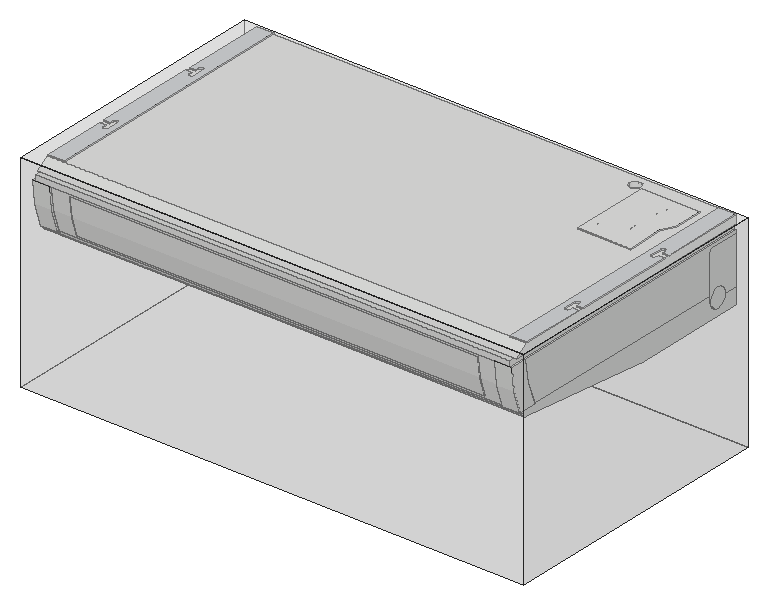
Revit family "outputfile", category 機械設備, Revit 2024
Family settings
  丸型コネクタ寸法 = 半径を使用
  パーツ タイプ = 標準
  OmniClass 番号 = 23.75.10.24.21.27.27
  OmniClass タイトル = Split System Air Conditioning Units
  作業面ベース = いいえ
  常に垂直 = はい
  ロード時にボイドで切り取り = いいえ
  注釈の向きを維持 = いいえ
  共有 = いいえ
  部屋計算ポイント = はい
Parameters (values of type "FXHQ63MAVE")
  Description = ""
  製造元 = "Daikin"
  書き出し IFC クラス(タイプ) = "IfcUnitaryEquipmentType"
  定義済み IFC タイプ(タイプ) = "AIRCONDITIONINGUNIT"
  Cost = 0
  モデル = "FXHQ63MAVE"
  Type Comments = ""
  Keynote = ""
  Type Image = (empty or 0)
  Assembly Code = ""
  r_Liquid Pipe Size = Liquid Pipe Size / 2  # 4.75 mm
  r_Gas Pipe Size = Gas Pipe Size / 2  # 7.95 mm
  r_Drain Pipe Size = Drain Pipe Size / 2  # 10.0 mm
  lw_Air suction grille = if(Width = 960.0 mm, (960.0 mm - 40.7 mm * 2) / 2 - 2.0 mm, if(Width = 1160.0 mm, (1160.0 mm - 40.7 mm * 2) / 2 - 2.0 mm, if(Width = 1400.0 mm, (1400.0 mm - 40.7 mm * 2) / 3, (960.0 mm - 40.7 mm * 2) / 2 - 2.0 mm)))  # 537.3 mm
  l_powersupply [instance] = if(Rear Right Connection_powersupply, 30.0 mm, 145.0 mm)  # 30.0 mm
  h_mountinghole = 2.0 mm  # constant formula
  angle_vertical_powersupply [instance] = if(Rear Right Connection_powersupply, 90.00°, 180.00°)  # 90.00°
  angle_vertical_drainpipe [instance] = if(or(Left Connection_drainpipe, Right Connection_drainpipe), 90.00°, if(Top Connection_drainpipe, 180.00°, -90.00°))  # -90.00°
  angle_horizontal_powersupply [instance] = if(Rear Right Connection_powersupply, 180.00°, 0.00°)  # 180.00°
  angle_horizontal_drainpipe [instance] = if(Right Connection_drainpipe, 90.00°, if(Left Connection_drainpipe, -90.00°, 0.00°))  # 0.00°
  Voltage_comment_60Hz = "220"
  Voltage_comment_50Hz = "220-240"
  Voltage_60Hz = 220 V
  Voltage_50Hz = 220 V
  URL = ""
  Top Connection_refrigerant [instance] = no
  Top Connection_powersupply [instance] = not(Rear Right Connection_powersupply)  # no
  Sound Power Level_H speed (dB) = 0
  Right Connection_refrigerant [instance] = no
  Rear Right Connection_refrigerant [instance] = yes
  Phase_60Hz = 1
  Phase_50Hz = 1
  Minimum Circuit Amps_60Hz = 0.9 A
  Minimum Circuit Amps_50Hz = 0.8 A
  Maximum Fuse Amps_60Hz = 15.0 A
  Maximum Fuse Amps_50Hz = 15.0 A
  Material_Casing = DAIKIN_White_Casing_indoorunit
  lw_powersupply [instance] = 220.0 mm  # constant formula
  lw_mountinghole = 20.0 mm  # constant formula
  lw_liquidpipe [instance] = if(not(Top Connection_refrigerant), 120.0 mm, 170.0 mm)  # 120.0 mm
  lw_gaspipe = 105.0 mm  # constant formula
  lw_drainpipe [instance] = if(Top Connection_drainpipe, 90.0 mm, if(or(Rear Left Connection_drainpipe, Left Connection_drainpipe), Width - 80.0 mm, 100.0 mm))  # 100.0 mm
  lh_powersupply = 145.0 mm  # constant formula
  lh_liquidpipe [instance] = if(Rear Right Connection_refrigerant, 110.0 mm, 90.0 mm)  # 110.0 mm
  lh_gaspipe [instance] = if(Rear Right Connection_refrigerant, 100.0 mm, 90.0 mm)  # 100.0 mm
  lh_drainpipe = 155.0 mm  # constant formula
  l_antena = 1.0 mm  # constant formula
  ld_powersupply = 30.0 mm  # constant formula
  ld_mountinghole_pitch = 260.0 mm  # constant formula
  ld_mountinghole = 210.0 mm  # constant formula
  ld_liquidpipe [instance] = if(Right Connection_refrigerant, 55.0 mm, if(Top Connection_refrigerant, 185.0 mm, 225.0 mm))  # 225.0 mm
  ld_gaspipe [instance] = if(Right Connection_refrigerant, 65.0 mm, if(Top Connection_refrigerant, 160.0 mm, 225.0 mm))  # 225.0 mm
  ld_drainpipe [instance] = if(or(Left Connection_drainpipe, Right Connection_drainpipe), 55.0 mm, if(Top Connection_drainpipe, 85.0 mm, 275.0 mm))  # 275.0 mm
  l_liquidpipe_length [instance] = if(Right Connection_refrigerant, 120.0 mm, if(Top Connection_refrigerant, 90.0 mm, 225.0 mm))  # 225.0 mm
  l_gaspipe_length [instance] = if(Right Connection_refrigerant, 105.0 mm, if(Top Connection_refrigerant, 90.0 mm, 225.0 mm))  # 225.0 mm
  l_drainpipe_length [instance] = if(Right Connection_drainpipe, 100.0 mm, if(Top Connection_drainpipe, 155.0 mm, if(Left Connection_drainpipe, 80.0 mm, 275.0 mm)))  # 275.0 mm
  h*** = 0.0 mm  # constant formula
  angle_vertical [instance] = if(Right Connection_refrigerant, 90.00°, if(Top Connection_refrigerant, 180.00°, -90.00°))  # -90.00°
  angle_horizontal [instance] = if(Right Connection_refrigerant, 90.00°, 0.00°)  # 0.00°
  Width = 1160.0 mm
  Version = "ver.1.0"
  Unit Type = "Ceiling Suspended Type"
  Unit Mass Weight = 28.00 kg
  Unit Designation [instance] = ""
  Uniclass2015Version = "Products v1.30"
  Uniclass2015Title = "Variable refrigerant flow units"
  Uniclass2015Code = "Pr_70_65_03_94"
  Total Heating Capacity [instance] = 0.000 kW
  Total Cooling Capacity [instance] = 0.000 kW
  Top Connection_drainpipe [instance] = no
  Sound Pressure Level_M speed (dBA) = 0
  Sound Pressure Level_L speed (dBA) = 34
  Sound Pressure Level_H speed (dBA) = 39
  Series = "VRV Fan Coil Unit"
  Sensible Cooling Capacity [instance] = 0.000 kW
  Rear Right Connection_drainpipe [instance] = yes
  Rear Right Connection_powersupply [instance] = yes
  Right Connection_drainpipe [instance] = no
  Refrigerant Type = "R410A"
  Power Input (Heating) = 0.115 kW
  Power Input (Cooling) = 0.115 kW
  Option Accessory 3 [instance] = ""
  Option Accessory 2 [instance] = ""
  Option Accessory 1 [instance] = ""
  Nominal Heating Capacity = 8.000 kW
  Nominal Cooling Capacity = 7.100 kW
  Minimum Airflow = 840.00 m³/h
  Median Airflow = 0.00 m³/h
  Maximum Airflow = 1050.00 m³/h
  Load Classification = HVAC
  Liquid Pipe Size = 9.5 mm
  Link_Nested Family [instance] = ""
  Rear Left Connection_drainpipe [instance] = no
  Left Connection_drainpipe [instance] = no
  IfcVersion = "0"
  IfcExportType = "AIRCONDITIONINGUNIT"
  IfcExportAs = "IfcUnitaryEquipmentType"
  Height = 195.0 mm
  Heating Entering Wet Bulb Temperature [instance] = 0.00 °C
  Heating Entering Dry Bulb Temperature [instance] = 0.00 °C
  Heating Ambient Wet Bulb Temperature [instance] = 0.00 °C
  Heating Ambient Dry Bulb Temperature [instance] = 0.00 °C
  Heat Exchanger Type = "Cross Fin Coil"
  Gas Pipe Size = 15.9 mm
  Frequency_60Hz = 60 Hz
  Frequency_50Hz = 50 Hz
  Fan Type = "Sirocco Fan"
  Fan Drive = "Direct Drive"
  FCU Tag No. [instance] = ""
  Drain Pipe Size = 20.0 mm
  Design Supply Airflow [instance] = 0.00 m³/h
  Design Outdoor Airflow [instance] = 0.00 m³/h
  Depth = 680.0 mm
  既定の高さ = 0.0 mm
  Cooling Entering Wet Bulb Temperature [instance] = 0.00 °C
  Cooling Entering Dry Bulb Temperature [instance] = 0.00 °C
  Cooling Ambient Wet Bulb Temperature [instance] = 0.00 °C
  Cooling Ambient Dry Bulb Temperature [instance] = 0.00 °C
  Clearance visibility [instance] = yes
  Clearance Top = 5.0 mm
  Clearance Right = 30.0 mm
  Clearance Rear = 0.0 mm
  Clearance Left = 30.0 mm
  Clearance Front = 0.0 mm
  Clearance Bottom = 300.0 mm
Reference planes
  plane 1 "Back": y = 0
  plane 2: z = 0
  plane 3 "Center (Left/Right)": x = 0
  plane 4 "Center (Front/Back)": y = -340
  plane 5 "Front": y = -680
  plane 6 "Left": x = -580
  plane 7 "Right": x = 580
  plane 8 "Top": z = 0
  plane 9 "Bottom": z = -195
  plane 10: y = -680
  plane 11: x = -610
  plane 12: x = 610
  plane 13: z = 5
  plane 14: z = -495
  plane 15: y = 0
  plane 16 "lw_mountinghole": x = -560
  plane 17 "lw_mountinghole2": x = 560
  plane 18 "ld_mountinghole": y = -210
  plane 19 "ld_mountinghole2": y = -470
  plane 20 "lw_gaspipe": x = 475
  plane 21 "ld_gaspipe": y = -225
  plane 22 "lw_liquidpipe": x = 460
  plane 23 "ld_liquidpipe": y = -225
  plane 24 "ld_drainpipe": y = -275
  plane 25 "lw_drainpipe": x = 480
  plane 26 "lw_powersupply": x = 360
  plane 27 "ld_powersupply": y = -30
  plane 28: x = -2
  plane 29: x = 2
  plane 30 "40.7": x = 539.3
  plane 31: x = -539.3
  plane 32 "lh_gaspipe": z = -100
  plane 33 "lh_liquidpipe": z = -110
  plane 34 "lh_drainpipe": z = -155
  plane 35 "lh_powersupply": z = -145
Forms (mm)
  Extrusion 1, solid, material "DAIKIN_White_Casing_indoorunit" <- "Material_Casing"
    sketch origin (0, 0, 0) x (0, 1, 0) y (0, 0, 1)
      loop
        line (0, 0) -> (-633.9, 0) -> (-664.9, -20) -> (0, -20) -> (0, 0)
    from -580 to 580
  Extrusion 2, solid, material "DAIKIN_White_Casing_indoorunit" <- "Material_Casing"
    sketch origin (0, 0, 0) x (0, 1, 0) y (0, 0, 1)
      loop
        line (0, -20) -> (-678.4, -20) -> (-678.4, -33) -> (0, -33) -> (0, -20)
    from -574 to 574
  Extrusion 3, solid, material "DAIKIN_White_Casing_indoorunit" <- "Material_Casing"
    sketch origin (0, 0, 0) x (0, 1, 0) y (0, 0, 1)
      loop
        line (0, -33) -> (-638.389, -33)
        arc (-638.389, -33) -> (-629.305, -88.783) -> (-610.271, -142) r 310.829
        line (-610.271, -142) -> (0, -142) -> (0, -33)
    from -580 to 580
  Extrusion 4, solid, material "DAIKIN_White_Casing_indoorunit" <- "Material_Casing"
    sketch origin (-580, 0, 0) x (0, 1, 0) y (0, 0, 1)
      loop
        line (0, -142) -> (-651.893, -142) -> (-647.876, -149.065)
        arc (-647.876, -149.065) -> (-641.446, -155.91) -> (-632.601, -159.063) r 19.989
        line (-632.601, -159.063) -> (-300.211, -194.208)
        arc (-300.211, -194.208) -> (-292.706, -194.802) -> (-285.179, -195) r 142.962
        line (-285.179, -195) -> (0, -195) -> (0, -142)
    from 0 to 40.7
  Extrusion 5, solid, material "DAIKIN_White_Casing_indoorunit" <- "Material_Casing"
    sketch origin (580, 0, 0) x (0, 1, 0) y (0, 0, 1)
      loop
        line (-638.389, -33) -> (-680.077, -33)
        arc (-680.077, -33) -> (-672.921, -88.644) -> (-655.583, -142) r 301.599
        line (-655.583, -142) -> (-610.271, -142)
        arc (-610.271, -142) -> (-629.305, -88.783) -> (-638.389, -33) r 310.829
    from 0 to -40.7
  Extrusion 6, solid, material "DAIKIN_White_Casing_indoorunit" <- "Material_Casing"
    sketch origin (-580, 0, 0) x (0, 1, 0) y (0, 0, 1)
      loop
        line (-655.583, -142) -> (-610.271, -142)
        arc (-610.271, -142) -> (-629.305, -88.783) -> (-638.389, -33) r 310.829
        line (-638.389, -33) -> (-680.077, -33)
        arc (-680.077, -33) -> (-672.921, -88.644) -> (-655.583, -142) r 301.599
    from 0 to 40.7
  Extrusion 7, solid, material "DAIKIN_White_Grille_indoorunit"
    sketch origin (0, 0, 0) x (0, 1, 0) y (0, 0, 1)
      loop
        line (0, -190) -> (-273.138, -190) -> (-273.138, -195) -> (0, -195) -> (0, -190)
    from -2 to 2
  Extrusion 8, solid, material "DAIKIN_White_Grille_indoorunit"
    sketch origin (0, 0, 0) x (0, 1, 0) y (0, 0, 1)
      loop
        line (0, -190) -> (-273.138, -190) -> (-273.138, -195) -> (0, -195) -> (0, -190)
    from -539.3 to -2
  Extrusion 9, solid, material "DAIKIN_White_Grille_indoorunit"
    sketch origin (0, 0, 0) x (0, 1, 0) y (0, 0, 1)
      loop
        line (0, -190) -> (-273.138, -190) -> (-273.138, -195) -> (0, -195) -> (0, -190)
    from 2 to 539.3
  Extrusion 10, solid
    sketch origin (0, 0, 0) x (-1, 0, 0) y (0, -1, 0)
      loop
        line (554, 196) -> (554, 224)
        arc (554, 224) -> (560, 230) -> (566, 224) r 6
        line (566, 224) -> (566, 216) -> (580, 216) -> (580, 464) -> (566, 464) -> (566, 456)
        arc (566, 456) -> (560, 450) -> (554, 456) r 6
        line (554, 456) -> (554, 484.69)
        arc (554, 484.69) -> (560, 490.04) -> (566, 484.69) r 6.04
        line (566, 484.69) -> (566, 476) -> (580, 476) -> (580, 633.9) -> (539.3, 633.9) -> (539.3, 0) -> (580, 0) -> (580, 204) -> (566, 204) -> (566, 196)
        arc (566, 196) -> (560, 190) -> (554, 196) r 6
      loop
        arc (-554, 196) -> (-560, 190) -> (-566, 196) r 6
        line (-566, 196) -> (-566, 204) -> (-580, 204) -> (-580, 0) -> (-539.3, 0) -> (-539.3, 633.9) -> (-580, 633.9) -> (-580, 476) -> (-566, 476) -> (-566, 484.69)
        arc (-566, 484.69) -> (-560, 490.04) -> (-554, 484.69) r 6.04
        line (-554, 484.69) -> (-554, 456)
        arc (-554, 456) -> (-560, 450) -> (-566, 456) r 6
        line (-566, 456) -> (-566, 464) -> (-580, 464) -> (-580, 216) -> (-566, 216) -> (-566, 224)
        arc (-566, 224) -> (-560, 230) -> (-554, 224) r 6
        line (-554, 224) -> (-554, 196)
    from 0 to 2
  Extrusion 11, solid, material "DAIKIN_White_Casing_indoorunit" <- "Material_Casing"
    sketch origin (0, 0, 0) x (0, 1, 0) y (0, 0, 1)
      loop
        line (-651.659, -142) -> (-610.271, -142)
        arc (-610.271, -142) -> (-629.305, -88.783) -> (-638.389, -33) r 310.829
        line (-638.389, -33) -> (-676.476, -33)
        arc (-676.476, -33) -> (-669.224, -88.674) -> (-651.659, -142) r 298
    from -539.3 to 539.3
  Extrusion 12, void
    sketch origin (0, 0, 0) x (0, 1, 0) y (0, 0, 1)
      loop
        arc (-676.086, -41) -> (-669.058, -89.401) -> (-654.207, -136) r 298
        line (-654.207, -136) -> (-645.465, -136)
        arc (-645.465, -136) -> (-660.075, -89.305) -> (-667.848, -41) r 340.829
        line (-667.848, -41) -> (-676.086, -41)
    from -494.3 to 494.3
  Extrusion 13, solid, material "DAIKIN_White_Casing_indoorunit" <- "Material_Casing"
    sketch origin (0, 0, 0) x (0, 1, 0) y (0, 0, 1)
      loop
        line (-667.848, -41) -> (-676.086, -41)
        arc (-676.086, -41) -> (-669.058, -89.401) -> (-654.207, -136) r 298
        line (-654.207, -136) -> (-645.465, -136)
        arc (-645.465, -136) -> (-660.075, -89.305) -> (-667.848, -41) r 340.829
    from -494.3 to 494.3
  Extrusion 14, solid, material "DAIKIN_White_Casing_indoorunit" <- "Material_Casing"
    sketch origin (0, 0, 0) x (1, 0, 0) y (0, 0, 1)
      loop
        line (375, -60) -> (375, -125) -> (455, -175) -> (520, -175) -> (520, -60) -> (375, -60)
    from 0 to 1
  Extrusion 15, void
    sketch origin (0, 0, 0) x (1, 0, 0) y (0, 0, 1)
      loop
        circle (475, -130) r 40
    from 0 to 10
  Extrusion 16, void
    sketch origin (0, 0, 0) x (1, 0, 0) y (0, 0, 1)
      loop
        arc (-510, -135) -> (-530, -155) -> (-510, -175) r 20
        line (-510, -175) -> (-490, -175)
        arc (-490, -175) -> (-470, -155) -> (-490, -135) r 20
        line (-490, -135) -> (-510, -135)
    from 0 to 10
  Extrusion 17, solid, material "DAIKIN_White_Casing_indoorunit" <- "Material_Casing"
    sketch origin (0, 0, 0) x (-1, 0, 0) y (0, -1, 0)
      loop
        line (-380, 36) -> (-380, 228) -> (-507, 228) -> (-507, 138) -> (-522, 106) -> (-522, 36) -> (-380, 36)
    from 0 to 1.9
  Extrusion 18, solid, material "DAIKIN_White_Casing_indoorunit" <- "Material_Casing"
    sketch origin (580, 0, 0) x (0, 1, 0) y (0, 0, 1)
      loop
        arc (-75, -40) -> (-78.536, -41.464) -> (-80, -45) r 5
        line (-80, -45) -> (-80, -155) -> (0, -155) -> (0, -40) -> (-75, -40)
    from 0 to -2
  Extrusion 19, solid, material "DAIKIN_White_Casing_indoorunit" <- "Material_Casing"
    sketch origin (580, 0, 0) x (0, 1, 0) y (0, 0, 1)
      loop
        circle (-55, -155) r 22.5
    from 0 to -2
  Extrusion 20, void
    sketch origin (0, 0, 0) x (1, 0, 0) y (0, 0, 1)
      loop
        line (520, -60) -> (375, -60) -> (375, -125) -> (455, -175) -> (520, -175) -> (520, -60)
    from 0 to 1
  Extrusion 21, solid, material "DAIKIN_White_Casing_indoorunit" <- "Material_Casing"
    sketch origin (-580, 0, 0) x (0, 1, 0) y (0, 0, 1)
      loop
        circle (-55, -155) r 22.5
    from 0 to 2
  Extrusion 22, void
    sketch origin (0, 0, 0) x (-1, 0, 0) y (0, -1, 0)
      loop
        circle (-490, 85) r 30
      loop
        circle (-475, 160) r 18
      loop
        circle (-410, 185) r 13
    from 0 to -10
  Extrusion 23, solid, material "DAIKIN_White_Casing_indoorunit" <- "Material_Casing"
    sketch origin (0, 0, 0) x (0, 1, 0) y (0, 0, 1)
      loop
        line (-632.601, -159.063) -> (-300.211, -194.208)
        arc (-300.211, -194.208) -> (-292.706, -194.802) -> (-285.179, -195) r 142.962
        line (-285.179, -195) -> (-273.138, -195) -> (-273.138, -190) -> (0, -190) -> (0, -142) -> (-651.893, -142) -> (-647.876, -149.065)
        arc (-647.876, -149.065) -> (-641.446, -155.91) -> (-632.601, -159.063) r 19.989
    from -539.3 to 539.3
  Extrusion 24, solid, material "DAIKIN_White_Casing_indoorunit" <- "Material_Casing"
    sketch origin (580, 0, 0) x (0, 1, 0) y (0, 0, 1)
      loop
        line (-632.601, -159.063) -> (-300.211, -194.208)
        arc (-300.211, -194.208) -> (-292.706, -194.802) -> (-285.179, -195) r 142.962
        line (-285.179, -195) -> (0, -195) -> (0, -142) -> (-651.893, -142) -> (-647.876, -149.065)
        arc (-647.876, -149.065) -> (-641.446, -155.91) -> (-632.601, -159.063) r 19.989
    from 0 to -40.7
  Extrusion 25, void
    sketch origin (0, 0, 0) x (-1, 0, 0) y (0, -1, 0)
      loop
        circle (-360, 30) r 14.5
    from 0 to -10
  Extrusion 26, void
    sketch origin (0, 0, 0) x (1, 0, 0) y (0, 0, 1)
      loop
        circle (360, -145) r 14.5
    from 0 to 10
Cuts and joins
  Extrusion 12 cuts Extrusion 11
  Extrusion 15, Extrusion 16, Extrusion 20, Extrusion 26 cuts Extrusion 3
  Extrusion 22, Extrusion 25 cuts Extrusion 1
  Extrusion 15, Extrusion 16, Extrusion 20, Extrusion 26 cuts Extrusion 23
Dimensions and locks
  equal spacing: plane 6 "Left", plane 3 "Center (Left/Right)", plane 7 "Right"
  "Width": plane 6 "Left" to plane 7 "Right"
  "Depth": plane 5 "Front" to plane 1 "Back"
  "Height": plane 8 "Top" to plane 9 "Bottom"
  "Clearance Front": plane 10 to plane 5 "Front"
  "Clearance Left": plane 11 to plane 6 "Left"
  "Clearance Right": plane 7 "Right" to plane 12
  "Clearance Top": plane 13 to plane 8 "Top"
  "Clearance Bottom": plane 9 "Bottom" to plane 14
  "Clearance Rear": plane 1 "Back" to plane 15
  "ld_mountinghole": plane 18 "ld_mountinghole" to plane 1 "Back"
  "ld_mountinghole_pitch": plane 18 "ld_mountinghole" to plane 19 "ld_mountinghole2"
  "lw_mountinghole": plane 6 "Left" to plane 16 "lw_mountinghole"
  "lw_gaspipe": plane 20 "lw_gaspipe" to plane 7 "Right"
  "ld_gaspipe": plane 1 "Back" to plane 21 "ld_gaspipe"
  "lw_liquidpipe": plane 22 "lw_liquidpipe" to plane 7 "Right"
  "ld_liquidpipe": plane 1 "Back" to plane 23 "ld_liquidpipe"
  "lw_drainpipe": plane 25 "lw_drainpipe" to plane 7 "Right"
  "ld_drainpipe": plane 24 "ld_drainpipe" to plane 1 "Back"
  "lw_powersupply": plane 26 "lw_powersupply" to plane 7 "Right"
  "ld_powersupply": plane 1 "Back" to plane 27 "ld_powersupply"
  "lw_mountinghole": plane 17 "lw_mountinghole2" to plane 7 "Right"
  equal spacing: plane 5 "Front", plane 4 "Center (Front/Back)", plane 1 "Back"
  locked: Extrusion 1 sketch curve to Extrusion 1 sketch curve at 20
  locked: Extrusion 1 sketch curve to Extrusion 1 sketch curve at 633.9
  locked: Extrusion 1 sketch curve to Extrusion 1 sketch curve at 664.9
  locked: Extrusion 2 sketch curve to Extrusion 2 sketch curve at 13
  locked: Extrusion 2 sketch curve to Extrusion 2 sketch curve at 678.4
  locked: plane 6 "Left" to Extrusion 2 at 6
  locked: plane 7 "Right" to Extrusion 2 at 6
  locked: Extrusion 3 sketch curve to Extrusion 3 sketch curve at 610.271
  locked: Extrusion 3 sketch curve to Extrusion 3 sketch curve at 638.389
  locked: Extrusion 3 sketch curve to Extrusion 3 sketch curve at 328.329
  locked: plane 8 "Top" to Extrusion 3 sketch curve at 11.143
  locked: plane 30 "40.7" to plane 7 "Right" at 40.7
  locked: plane 6 "Left" to plane 31 at 40.7
  "lw_Air suction grille": plane 31 to plane 28
  "lw_Air suction grille": plane 29 to plane 30 "40.7"
  locked: Extrusion 10 sketch curve to Extrusion 10 sketch curve at 12  (x4)
  equal spacing: Extrusion 10 sketch curve, plane 18 "ld_mountinghole", Extrusion 10 sketch curve  (x2)
  equal spacing: Extrusion 10 sketch curve, plane 19 "ld_mountinghole2", Extrusion 10 sketch curve  (x2)
  Extrusion 10 sketch curve to plane 19 "ld_mountinghole2" to Extrusion 10 sketch curve = 14.0 mm locked, 14.0 mm locked  (x2)
  Extrusion 10 sketch curve to plane 18 "ld_mountinghole" to Extrusion 10 sketch curve = 14.0 mm locked, 14.0 mm locked  (x2)
  locked: Extrusion 10 sketch curve to Extrusion 10 sketch curve at 633.9  (x2)
  locked: plane 31 to Extrusion 12 at 45
  locked: Extrusion 12 to plane 30 "40.7" at 45
  locked: Extrusion 14 sketch curve to Extrusion 14 sketch curve at 115
  locked: Extrusion 14 sketch curve to Extrusion 14 sketch curve at 145
  locked: Extrusion 14 sketch curve to Extrusion 14 sketch curve at 65  (x2)
  locked: plane 8 "Top" to Extrusion 14 sketch curve at 60
  locked: Extrusion 14 sketch curve to plane 7 "Right" at 60
  locked: plane 7 "Right" to Extrusion 15 sketch curve at 105
  locked: plane 8 "Top" to Extrusion 15 sketch curve at 130
  locked: Extrusion 16 sketch curve to plane 6 "Left" at 70
  plane 8 "Top" to Extrusion 16 sketch curve to Extrusion 16 sketch curve = 135.0 mm locked, 40.0 mm locked
  locked: Extrusion 16 sketch curve to Extrusion 16 sketch curve at 20
  Extrusion 17 sketch curve to Extrusion 17 sketch curve to plane 7 "Right" = 142.0 mm locked, 58.0 mm locked
  Extrusion 17 sketch curve to Extrusion 17 sketch curve to plane 1 "Back" = 192.0 mm locked, 36.0 mm locked
  locked: Extrusion 17 sketch curve to Extrusion 17 sketch curve at 127
  locked: Extrusion 17 sketch curve to Extrusion 17 sketch curve at 90
  plane 8 "Top" to Extrusion 18 sketch curve to Extrusion 18 sketch curve = 40.0 mm locked, 115.0 mm locked
  locked: Extrusion 18 sketch curve to Extrusion 18 sketch curve at 80
  locked: Extrusion 19 sketch curve to plane 1 "Back" at 55
  locked: plane 8 "Top" to Extrusion 19 sketch curve at 155
  locked: Extrusion 21 sketch curve to plane 1 "Back" at 55
  locked: plane 8 "Top" to Extrusion 21 sketch curve at 155
  locked: Extrusion 22 sketch curve to plane 7 "Right" at 90
  locked: Extrusion 22 sketch curve to plane 1 "Back" at 85
  locked: Extrusion 22 sketch curve to plane 7 "Right" at 105
  locked: Extrusion 22 sketch curve to plane 1 "Back" at 160
  locked: Extrusion 22 sketch curve to plane 7 "Right" at 170
  locked: Extrusion 22 sketch curve to plane 1 "Back" at 185
  locked: Extrusion 5 sketch curve to Extrusion 5 sketch curve at 109
  "lh_powersupply": plane 8 "Top" to plane 35 "lh_powersupply"
  "lh_liquidpipe": plane 8 "Top" to plane 33 "lh_liquidpipe"
  "lh_gaspipe": plane 8 "Top" to plane 32 "lh_gaspipe"
  "lh_drainpipe": plane 8 "Top" to plane 34 "lh_drainpipe"
  locked: Extrusion 4 sketch curve to plane 1 "Back" at 285.179
  locked: Extrusion 4 sketch curve to Extrusion 4 sketch curve at 53
  locked: Extrusion 9 sketch curve to plane 1 "Back" at 273.138
  locked: Extrusion 8 sketch curve to plane 1 "Back" at 273.138
  locked: Extrusion 7 sketch curve to plane 1 "Back" at 273.138
  locked: Extrusion 25 sketch curve to plane 1 "Back" at 30
  locked: Extrusion 25 sketch curve to plane 7 "Right" at 220
  locked: plane 7 "Right" to Extrusion 26 sketch curve at 220
  locked: plane 8 "Top" to Extrusion 26 sketch curve at 145
  locked: nested 10 to plane 7 "Right" at 120
  aligned and locked: level to plane 2
  aligned and locked: nested 2 to plane 18 "ld_mountinghole"
  aligned and locked: plane 16 "lw_mountinghole" to nested 2
  aligned and locked: nested 1 to plane 19 "ld_mountinghole2"
  aligned and locked: plane 16 "lw_mountinghole" to nested 1
  aligned and locked: nested 4 to plane 18 "ld_mountinghole"
  aligned and locked: plane 17 "lw_mountinghole2" to nested 4
  aligned and locked: plane 17 "lw_mountinghole2" to nested 3
  aligned and locked: nested 3 to plane 19 "ld_mountinghole2"
  aligned and locked: plane 1 "Back" to Extrusion 1 sketch curve
  aligned and locked: plane 8 "Top" to Extrusion 1 sketch curve
  aligned and locked: Extrusion 1 to plane 6 "Left"
  aligned and locked: plane 7 "Right" to Extrusion 1
  aligned and locked: Extrusion 2 sketch curve to Extrusion 1  (x2)
  aligned and locked: plane 1 "Back" to Extrusion 3 sketch curve
  aligned and locked: Extrusion 3 to plane 6 "Left"
  aligned and locked: plane 7 "Right" to Extrusion 3
  aligned and locked: plane 1 "Back" to Extrusion 4 sketch curve
  aligned and locked: Extrusion 4 to plane 6 "Left"
  aligned and locked: Extrusion 5 sketch curve to Extrusion 3
  aligned and locked: Extrusion 5 to Extrusion 6 sketch curve
  aligned and locked: Extrusion 6 sketch curve to Extrusion 5  (x2)
  aligned and locked: Extrusion 7 to plane 28
  aligned and locked: plane 29 to Extrusion 7
  aligned and locked: plane 28 to Extrusion 8
  aligned and locked: Extrusion 8 to plane 31
  aligned and locked: Extrusion 9 sketch curve to Extrusion 7  (x3)
  aligned and locked: Extrusion 9 to plane 29
  aligned and locked: plane 30 "40.7" to Extrusion 9
  aligned and locked: plane 16 "lw_mountinghole" to Extrusion 10 sketch curve  (x4)
  aligned and locked: Extrusion 10 sketch curve to plane 31
  aligned and locked: plane 6 "Left" to Extrusion 10 sketch curve  (x3)
  aligned and locked: plane 1 "Back" to Extrusion 10 sketch curve
  aligned and locked: Extrusion 5 to Extrusion 11 sketch curve
  aligned and locked: Extrusion 11 sketch curve to Extrusion 5
  aligned and locked: plane 30 "40.7" to Extrusion 11
  aligned and locked: Extrusion 11 to plane 31
  aligned and locked: Extrusion 12 sketch curve to Extrusion 11
  aligned and locked: Extrusion 13 sketch curve to cut or joined group of Extrusion 11, Extrusion 12  (x4)
  aligned and locked: Extrusion 13 to cut or joined group of Extrusion 11, Extrusion 12  (x2)
  aligned and locked: plane 15 to nested 5
  aligned and locked: nested 5 to plane 11
  aligned and locked: nested 5 to plane 10
  aligned and locked: nested 5 to plane 12
  aligned and locked: plane 13 to nested 5
  aligned and locked: plane 14 to nested 5
  aligned and locked: plane 1 "Back" to Extrusion 18 sketch curve
  aligned and locked: Extrusion 20 sketch curve to Extrusion 14  (x5)
  aligned and locked: Extrusion 5 sketch curve to Extrusion 2
  aligned and locked: plane 20 "lw_gaspipe" to nested 6
  aligned and locked: nested 6 to plane 21 "ld_gaspipe"
  aligned and locked: plane 22 "lw_liquidpipe" to nested 7
  aligned and locked: nested 7 to plane 23 "ld_liquidpipe"
  aligned and locked: plane 25 "lw_drainpipe" to nested 8
  aligned and locked: nested 8 to plane 24 "ld_drainpipe"
  aligned and locked: Extrusion 4 sketch curve to plane 9 "Bottom"
  aligned and locked: Extrusion 23 sketch curve to Extrusion 4  (x3)
  aligned and locked: Extrusion 4 to Extrusion 23 sketch curve
  aligned and locked: Extrusion 23 sketch curve to Extrusion 9  (x2)
  aligned and locked: Extrusion 23 to plane 31
  aligned and locked: plane 30 "40.7" to Extrusion 23
  aligned and locked: Extrusion 24 sketch curve to Extrusion 4  (x4)
  aligned and locked: Extrusion 24 to plane 30 "40.7"
  aligned and locked: plane 26 "lw_powersupply" to nested 9
  aligned and locked: nested 9 to plane 27 "ld_powersupply"
  aligned and locked: nested 10 to Extrusion 24
  aligned and locked: level to plane 8 "Top"
Automatic sketch dimensions
  Extrusion 3 sketch curve to plane 8 "Top" = 33.0 mm
  Extrusion 7 sketch curve to plane 9 "Bottom" = 0.0 mm
  Extrusion 7 sketch curve to plane 1 "Back" = 0.0 mm
  plane 9 "Bottom" to Extrusion 7 sketch curve = 5.0 mm
  Extrusion 8 sketch curve to plane 9 "Bottom" = 0.0 mm
  Extrusion 8 sketch curve to plane 1 "Back" = 0.0 mm
  plane 9 "Bottom" to Extrusion 8 sketch curve = 5.0 mm
  Extrusion 5 sketch curve to plane 5 "Front" = 24.417 mm
  plane 1 "Back" to Extrusion 10 sketch curve = 0.0 mm
  Extrusion 10 sketch curve to plane 7 "Right" = 0.0 mm  (x3)
  Extrusion 10 sketch curve to plane 17 "lw_mountinghole2" = 0.0 mm  (x4)
  Extrusion 10 sketch curve to plane 30 "40.7" = 0.0 mm
  plane 17 "lw_mountinghole2" to Extrusion 10 sketch curve = 6.0 mm  (x2)
  Extrusion 10 sketch curve to Extrusion 10 sketch curve = 6.0 mm  (x2)
  plane 16 "lw_mountinghole" to Extrusion 10 sketch curve = 6.0 mm  (x2)
  Extrusion 10 sketch curve to Extrusion 10 sketch curve = 0.69 mm  (x2)
  Extrusion 11 sketch curve to plane 5 "Front" = 28.341 mm
  Extrusion 11 sketch curve to plane 5 "Front" = 3.524 mm
  Extrusion 11 sketch curve to plane 8 "Top" = 22.519 mm
  Extrusion 12 sketch curve to plane 5 "Front" = 34.535 mm
  Extrusion 12 sketch curve to Extrusion 12 sketch curve = 8.742 mm
  Extrusion 12 sketch curve to plane 5 "Front" = 12.152 mm
  Extrusion 12 sketch curve to plane 5 "Front" = 3.914 mm
  Extrusion 12 sketch curve to plane 8 "Top" = 11.143 mm
  Extrusion 17 sketch curve to Extrusion 17 sketch curve = 32.0 mm
  Extrusion 18 sketch curve to Extrusion 18 sketch curve = 5.0 mm
  Extrusion 11 sketch curve to plane 8 "Top" = 33.0 mm
  plane 9 "Bottom" to Extrusion 4 sketch curve = 0.792 mm
  Extrusion 4 sketch curve to Extrusion 4 sketch curve = 15.032 mm
  Extrusion 4 sketch curve to plane 34 "lh_drainpipe" = 4.063 mm
  plane 34 "lh_drainpipe" to Extrusion 4 sketch curve = 5.935 mm
  Extrusion 4 sketch curve to Extrusion 4 sketch curve = 4.017 mm
  plane 9 "Bottom" to Extrusion 23 sketch curve = 0.792 mm
  Extrusion 23 sketch curve to Extrusion 23 sketch curve = 2.102 mm
  Extrusion 23 sketch curve to Extrusion 23 sketch curve = 4.017 mm
  plane 34 "lh_drainpipe" to Extrusion 23 sketch curve = 5.935 mm
  plane 9 "Bottom" to Extrusion 24 sketch curve = 0.792 mm
  Extrusion 24 sketch curve to Extrusion 24 sketch curve = 2.102 mm
  Extrusion 24 sketch curve to Extrusion 24 sketch curve = 4.017 mm
  plane 34 "lh_drainpipe" to Extrusion 24 sketch curve = 5.935 mm
  Extrusion 5 sketch curve to plane 8 "Top" = 22.519 mm
  plane 5 "Front" to Extrusion 5 sketch curve = 0.077 mm
  plane 5 "Front" to Extrusion 6 sketch curve = 0.077 mm
  radius of Extrusion 15 sketch curve = 40.0 mm
  radius of Extrusion 19 sketch curve = 22.5 mm
  radius of Extrusion 21 sketch curve = 22.5 mm
  radius of Extrusion 22 sketch curve = 30.0 mm
  radius of Extrusion 22 sketch curve = 18.0 mm
  radius of Extrusion 22 sketch curve = 13.0 mm
  radius of Extrusion 25 sketch curve = 14.5 mm
  radius of Extrusion 26 sketch curve = 14.5 mm
Nested families
  nested 1: "daikin_mountinghole" at (-560, -470, 0), l_antenna <- "l_antena", Link_Nested Family <- "Link_Nested Family", h_mountinghole <- "h_mountinghole", type "daikin_mountinghole"
    with show yes, l_antenna 1.0 mm, h_mountinghole 2.0 mm, Link_Nested Family ""
  nested 2: "daikin_mountinghole" at (-560, -210, 0), l_antenna <- "l_antena", Link_Nested Family <- "Link_Nested Family", h_mountinghole <- "h_mountinghole", type "daikin_mountinghole"
    with show yes, l_antenna 1.0 mm, h_mountinghole 2.0 mm, Link_Nested Family ""
  nested 3: "daikin_mountinghole" at (560, -470, 0), l_antenna <- "l_antena", Link_Nested Family <- "Link_Nested Family", h_mountinghole <- "h_mountinghole", type "daikin_mountinghole"
    with show yes, l_antenna 1.0 mm, h_mountinghole 2.0 mm, Link_Nested Family ""
  nested 4: "daikin_mountinghole" at (560, -210, 0), Link_Nested Family <- "Link_Nested Family", l_antenna <- "l_antena", h_mountinghole <- "h_mountinghole", type "daikin_mountinghole"
    with show yes, l_antenna 1.0 mm, h_mountinghole 2.0 mm, Link_Nested Family ""
  nested 5: "daikin_clearancespace" at (0, -340, -244.881), show <- "Clearance visibility", visible <- "Clearance visibility", Link_Nested Family <- "Link_Nested Family", type "daikin_clearancespace"
    with width 1220.0 mm, show yes, height 500.0 mm, depth 680.0 mm, Link_Nested Family ""
  nested 6: "daikin_connector_rotate3" at (475, -225, -100), radius <- "r_Gas Pipe Size", length <- "l_gaspipe_length", angle_vertical <- "angle_vertical", angle_horizontal <- "angle_horizontal", type "daikin_connector_rotate3"
    with show no, radius 7.95 mm, length 225.0 mm, angle_vertical -90.00°, angle_horizontal 0.00°
  nested 7: "daikin_connector_rotate3" at (460, -225, -110), radius <- "r_Liquid Pipe Size", length <- "l_liquidpipe_length", angle_vertical <- "angle_vertical", angle_horizontal <- "angle_horizontal", type "daikin_connector_rotate3"
    with show no, radius 4.75 mm, length 225.0 mm, angle_vertical -90.00°, angle_horizontal 0.00°
  nested 8: "daikin_connector_rotate3" at (480, -275, -155), radius <- "r_Drain Pipe Size", length <- "l_drainpipe_length", angle_vertical <- "angle_vertical_drainpipe", angle_horizontal <- "angle_horizontal_drainpipe", type "daikin_connector_rotate3"
    with show no, radius 10.0 mm, length 275.0 mm, angle_vertical -90.00°, angle_horizontal 0.00°
  nested 9: "daikin_connector_rotate3" at (360, -30, -145), angle_vertical <- "angle_vertical_powersupply", angle_horizontal <- "angle_horizontal_powersupply", length <- "l_powersupply", type "daikin_connector_rotate3"
    with show no, radius 10.0 mm, length 30.0 mm, angle_vertical 90.00°, angle_horizontal 180.00°
  nested 10: "daikin_logo_plane_w40" at (460, -594.246, -163.119) x (1, 0, 0) z (0, -0.1051, -0.9945), type "daikin_logo_plane_w40"
    with show_logo yes
Connectors
  piping at (480, 0, -155), diameter 20, driven by "r_Drain Pipe Size"
    settings: on nested 8, index 1, connector inside diameter 609.6 mm, connector length 0.0 mm, flow factor 0, pipe flow 0.00 m³/h, pressure drop 0.0 Pa, fitting loss kfactor 0, connector angle 0.00°, fixture units 0, engagement length 0.0 mm, angle of deflection 0.00°, flow configuration 1, flow direction 2, fitting loss method 4, system type 16, joint type 0, gender type 0, connector reference index -1, connector utility 0, adjustable connector no, is connector primary yes, connector description "Condensate Drain Piping"
  piping at (475, 0, -100), diameter 15.9, driven by "r_Gas Pipe Size"
    settings: on nested 6, index 2, connector inside diameter 609.6 mm, connector length 0.0 mm, flow factor 0, pipe flow 0.00 m³/h, pressure drop 0.0 Pa, fitting loss kfactor 0, connector angle 0.00°, fixture units 0, engagement length 0.0 mm, angle of deflection 0.00°, flow configuration 1, flow direction 2, fitting loss method 0, system type 29, joint type 0, gender type 0, connector reference index -1, connector utility 0, adjustable connector no, is connector primary no, connector description "Refrigerant Gas Piping"
  piping at (460, 0, -110), diameter 9.5, driven by "r_Liquid Pipe Size"
    settings: on nested 7, index 3, connector inside diameter 609.6 mm, connector length 0.0 mm, flow factor 0, pipe flow 0.00 m³/h, pressure drop 0.0 Pa, fitting loss kfactor 0, connector angle 0.00°, fixture units 0, engagement length 0.0 mm, angle of deflection 0.00°, flow configuration 1, flow direction 1, fitting loss method 0, system type 29, joint type 0, gender type 0, connector reference index -1, connector utility 0, adjustable connector no, is connector primary no, connector description "Refrigerant Liquid Piping"
  electrical at (360, 0, -145), driven by "Load Classification"
    settings: on nested 9, index 4, voltage 0 V, apparent load 0 VA, apparent load phase1 0 VA, apparent load phase2 0 VA, apparent load phase3 0 VA, power factor 1, load classification "HVAC", number of poles 1, system type 30, power factor state 1, is connector primary yes, connector utility no, sub classification motor no, connector description "Power Supply"
Definition of nested family "daikin_clearancespace"
  Parameters (values of type "daikin_clearancespace")
    width [instance] = 1823.963 mm
    show [instance] = yes
    material = none
    height [instance] = 1359.762 mm
    depth [instance] = 880.0 mm
    Default Elevation = 0.0 mm
    Link_Nested Family [instance] = ""
  Reference planes
    plane 1 "Center (Front/Back)": y = 0
    plane 2 "Center (Elevation)": z = -0.119
    plane 3 "Center (Left/Right)": x = 0
    plane 4: y = 440
    plane 5: y = -440
    plane 6 "Right": x = 911.982
    plane 7 "Left": x = -911.982
    plane 8 "Top": z = 679.762
    plane 9 "Bottom": z = -680
  Forms (mm)
    Extrusion 1, solid, material <- "material", visible <- "show"
      sketch origin (0, 0, 0) x (1, 0, 0) y (0, 1, 0)
        loop
          line (-911.982, 440) -> (-911.982, -440) -> (911.982, -440) -> (911.982, 440) -> (-911.982, 440)
      from -680 to 679.762
  Lines and regions (mm)
    symbolic lines, visible <- "show"
      curve 1: line (911.982, 440, 0) -> (-911.982, 440, 0)
      curve 2: line (-911.982, 440, 0) -> (-911.982, -440, 0)
      curve 3: line (-911.982, -440, 0) -> (911.982, -440, 0)
      curve 4: line (911.982, -440, 0) -> (911.982, 440, 0)
      curve 5: line (911.982, 0, 679.762) -> (-911.982, 0, 679.762)
      curve 6: line (911.982, 0, -680) -> (911.982, 0, 679.762)
      curve 7: line (-911.982, 0, -680) -> (911.982, 0, -680)
      curve 8: line (-911.982, 0, 679.762) -> (-911.982, 0, -680)
      curve 9: line (0, 440, 679.762) -> (0, -440, 679.762)
      curve 10: line (0, -440, 679.762) -> (0, -440, -680)
      curve 11: line (0, 440, -680) -> (0, 440, 679.762)
      curve 12: line (0, -440, -680) -> (0, 440, -680)
  Dimensions and locks
    "width": plane 7 "Left" to plane 6 "Right"
    "depth": plane 4 to plane 5
    "height": plane 8 "Top" to plane 9 "Bottom"
    equal spacing: plane 7 "Left", plane 3 "Center (Left/Right)", plane 6 "Right"
    equal spacing: plane 4, plane 1 "Center (Front/Back)", plane 5
    equal spacing: plane 8 "Top", plane 2 "Center (Elevation)", plane 9 "Bottom"
    aligned and locked: level to plane 2 "Center (Elevation)"
    aligned and locked: Extrusion 1 sketch curve to plane 4
    aligned and locked: plane 7 "Left" to Extrusion 1 sketch curve
    aligned and locked: Extrusion 1 sketch curve to plane 5
    aligned and locked: Extrusion 1 sketch curve to plane 6 "Right"
    aligned and locked: plane 8 "Top" to Extrusion 1
    aligned and locked: curve 1 to Extrusion 1
    aligned and locked: curve 2 to Extrusion 1
    aligned and locked: curve 3 to Extrusion 1
    aligned and locked: curve 4 to Extrusion 1
    aligned and locked: curve 5 to Extrusion 1
    aligned and locked: curve 6 to Extrusion 1
    aligned and locked: curve 7 to Extrusion 1
    aligned and locked: curve 8 to Extrusion 1
    aligned and locked: curve 9 to Extrusion 1
    aligned and locked: curve 10 to Extrusion 1
    aligned and locked: curve 11 to Extrusion 1
    aligned and locked: curve 12 to Extrusion 1
    aligned and locked: Extrusion 1 to plane 9 "Bottom"
Definition of nested family "daikin_logo_plane_w40"
  Parameters (values of type "daikin_logo_plane_w40")
    width = 40.0 mm
    show_logo [instance] = yes
    material = none
    height = 0.0 mm
    depth = 0.0 mm
    Default Elevation = 1219.2 mm
  Reference planes
    plane 1 "Center (Front/Back)": y = 0
    plane 2: z = 0
    plane 3 "Center (Left/Right)": x = 0
    plane 4: z = 2
    plane 5 "left": x = -19
    plane 6: x = 19
  Forms (mm)
    Extrusion 1, solid, visible <- "show_logo"
      sketch origin (-19, 0, 0) x (1, 0, 0) y (0, 1, 0)
        loop
          line (8.902, -1.878) -> (7.789, -6.332) -> (11.13, -6.332)
          arc (11.13, -6.332) -> (12.454, -6.064) -> (13.472, -5.176) r 2.642
          arc (13.472, -5.176) -> (13.92, -4.02) -> (13.767, -2.79) r 2.537
          arc (13.767, -2.79) -> (13.452, -2.342) -> (12.982, -2.06) r 1.321
          arc (12.982, -2.06) -> (12.063, -1.902) -> (11.13, -1.878) r 6.479
          line (11.13, -1.878) -> (8.902, -1.878)
        loop
          line (10.016, -5.441) -> (10.907, -5.441)
          arc (10.907, -5.441) -> (11.591, -4.983) -> (11.988, -4.261) r 1.742
          spline (11.988, -4.261) -> (12.01, -4.155) -> (12.027, -4.03) -> (12.037, -3.893) -> (12.037, -3.747) -> (12.026, -3.598) -> (12.002, -3.451) -> (11.962, -3.31) -> (11.905, -3.181) -> (11.829, -3.069) -> (11.731, -2.978) -> (11.61, -2.913) -> (11.464, -2.88)
          line (11.464, -2.88) -> (10.573, -2.88) -> (10.016, -5.441)
        loop
          line (13.58, -6.332) -> (14.805, -6.332) -> (15.223, -5.553) -> (16.977, -5.553) -> (17.144, -6.332) -> (19.149, -6.332) -> (18.258, -1.878) -> (16.03, -1.878) -> (13.58, -6.332)
        loop
          line (16.476, -3.214) -> (15.76, -4.551) -> (16.762, -4.551) -> (16.476, -3.214)
        loop
          line (19.705, -6.332) -> (21.599, -6.332) -> (22.712, -1.878) -> (20.819, -1.878) -> (19.705, -6.332)
        loop
          line (22.712, -6.332) -> (24.606, -6.332) -> (24.908, -5.122) -> (25.831, -6.332) -> (28.17, -6.332) -> (26.388, -3.994) -> (28.949, -1.878) -> (26.945, -1.878) -> (25.401, -3.153) -> (25.719, -1.878) -> (23.826, -1.878) -> (22.712, -6.332)
        loop
          line (29.84, -1.878) -> (28.615, -6.332) -> (30.62, -6.332) -> (31.734, -1.878) -> (29.84, -1.878)
        loop
          line (31.734, -6.332) -> (33.07, -6.332) -> (33.7, -3.814) -> (34.518, -6.332) -> (36.745, -6.332) -> (37.859, -1.878) -> (36.523, -1.878) -> (35.845, -4.589) -> (34.963, -1.878) -> (32.847, -1.878) -> (31.734, -6.332)
      from 0 to 2
    Extrusion 2, solid, visible <- "show_logo"
      sketch origin (-19, 0, 0) x (1, 0, 0) y (0, 1, 0)
        loop
          line (8.7, 0) -> (4.235, 0) -> (0, -3.879) -> (0, -8) -> (8.7, 0)
      from 0 to 2
    Extrusion 3, solid, visible <- "show_logo"
      sketch origin (-19, 0, 0) x (1, 0, 0) y (0, 1, 0)
        loop
          line (0, 0) -> (0, -3.879) -> (4.235, 0) -> (0, 0)
      from 0 to 2
  Dimensions and locks
    plane 4 to plane 2 = 2.0 mm
    equal spacing: plane 5 "left", plane 3 "Center (Left/Right)", plane 6
    locked: plane 5 "left" to plane 6 at 38
    aligned and locked: level to plane 2
    aligned and locked: Extrusion 3 to plane 1 "Center (Front/Back)"  (x2)
    aligned and locked: Extrusion 2 to plane 1 "Center (Front/Back)"  (x2)
    aligned and locked: plane 4 to Extrusion 1
    aligned and locked: plane 4 to Extrusion 3
    aligned and locked: plane 4 to Extrusion 2
    aligned and locked: Extrusion 3 to plane 5 "left"
    aligned and locked: Extrusion 2 to plane 5 "left"
  Automatic sketch dimensions
    Extrusion 1 sketch curve to Extrusion 1 sketch curve = 0.901 mm
    Extrusion 1 sketch curve to Extrusion 1 sketch curve = 1.559 mm
    Extrusion 1 sketch curve to Extrusion 1 sketch curve = 1.327 mm
    Extrusion 1 sketch curve to Extrusion 1 sketch curve = 2.145 mm
    Extrusion 1 sketch curve to Extrusion 1 sketch curve = 1.448 mm
    Extrusion 1 sketch curve to Extrusion 1 sketch curve = 2.116 mm
    Extrusion 1 sketch curve to Extrusion 1 sketch curve = 1.114 mm  (x4)
    Extrusion 1 sketch curve to Extrusion 1 sketch curve = 1.336 mm  (x2)
    plane 1 "Center (Front/Back)" to Extrusion 1 sketch curve = 1.878 mm  (x5)
    Extrusion 1 sketch curve to Extrusion 1 sketch curve = 1.893 mm  (x5)
    Extrusion 1 sketch curve to Extrusion 1 sketch curve = 0.891 mm  (x4)
    Extrusion 1 sketch curve to Extrusion 1 sketch curve = 2.005 mm  (x3)
    Extrusion 1 sketch curve to Extrusion 1 sketch curve = 0.445 mm  (x2)
    plane 1 "Center (Front/Back)" to Extrusion 1 sketch curve = 3.994 mm
    Extrusion 1 sketch curve to Extrusion 1 sketch curve = 0.557 mm  (x2)
    Extrusion 1 sketch curve to Extrusion 1 sketch curve = 2.339 mm  (x2)
    Extrusion 1 sketch curve to Extrusion 1 sketch curve = 1.225 mm  (x3)
    plane 1 "Center (Front/Back)" to Extrusion 1 sketch curve = 3.153 mm
    Extrusion 1 sketch curve to Extrusion 1 sketch curve = 0.987 mm
    plane 1 "Center (Front/Back)" to Extrusion 1 sketch curve = 5.122 mm
    Extrusion 1 sketch curve to Extrusion 1 sketch curve = 0.922 mm
    plane 1 "Center (Front/Back)" to Extrusion 1 sketch curve = 6.332 mm
    Extrusion 1 sketch curve to Extrusion 1 sketch curve = 2.562 mm
    plane 1 "Center (Front/Back)" to Extrusion 1 sketch curve = 5.553 mm
    Extrusion 1 sketch curve to Extrusion 1 sketch curve = 0.167 mm
    Extrusion 1 sketch curve to Extrusion 1 sketch curve = 0.215 mm
    plane 1 "Center (Front/Back)" to Extrusion 1 sketch curve = 3.214 mm
    Extrusion 1 sketch curve to Extrusion 1 sketch curve = 0.286 mm
    plane 1 "Center (Front/Back)" to Extrusion 1 sketch curve = 4.551 mm
    Extrusion 1 sketch curve to Extrusion 1 sketch curve = 1.002 mm
    Extrusion 1 sketch curve to Extrusion 1 sketch curve = 0.537 mm
    Extrusion 1 sketch curve to Extrusion 1 sketch curve = 0.418 mm
    Extrusion 1 sketch curve to Extrusion 1 sketch curve = 1.028 mm
    plane 1 "Center (Front/Back)" to Extrusion 1 sketch curve = 4.261 mm
    Extrusion 1 sketch curve to Extrusion 1 sketch curve = 0.563 mm
    plane 1 "Center (Front/Back)" to Extrusion 1 sketch curve = 2.88 mm
    Extrusion 1 sketch curve to Extrusion 1 sketch curve = 1.088 mm
    Extrusion 1 sketch curve to Extrusion 1 sketch curve = 2.152 mm
    Extrusion 1 sketch curve to Extrusion 1 sketch curve = 0.586 mm
    Extrusion 1 sketch curve to Extrusion 1 sketch curve = 0.118 mm
    Extrusion 1 sketch curve to Extrusion 1 sketch curve = 0.298 mm
    Extrusion 1 sketch curve to Extrusion 1 sketch curve = 0.334 mm
    Extrusion 1 sketch curve to Extrusion 1 sketch curve = 0.223 mm
    Extrusion 1 sketch curve to Extrusion 1 sketch curve = 0.266 mm
    Extrusion 1 sketch curve to Extrusion 1 sketch curve = 1.671 mm
    Extrusion 1 sketch curve to Extrusion 1 sketch curve = 2.227 mm
    Extrusion 1 sketch curve to Extrusion 1 sketch curve = 0.0 mm  (x7)
    Extrusion 1 sketch curve to Extrusion 1 sketch curve = 3.453 mm
    Extrusion 1 sketch curve to Extrusion 1 sketch curve = 2.017 mm
    Extrusion 1 sketch curve to Extrusion 1 sketch curve = 0.78 mm  (x2)
    Extrusion 1 sketch curve to Extrusion 1 sketch curve = 1.743 mm
    Extrusion 1 sketch curve to Extrusion 1 sketch curve = 0.775 mm
    Extrusion 1 sketch curve to Extrusion 1 sketch curve = 0.552 mm
    Extrusion 1 sketch curve to Extrusion 1 sketch curve = 0.014 mm
    Extrusion 1 sketch curve to Extrusion 1 sketch curve = 0.952 mm
    Extrusion 1 sketch curve to Extrusion 1 sketch curve = 1.215 mm
    Extrusion 1 sketch curve to Extrusion 1 sketch curve = 0.108 mm
    plane 1 "Center (Front/Back)" to Extrusion 2 sketch curve = 0.0 mm
    Extrusion 2 sketch curve to plane 3 "Center (Left/Right)" = 19.0 mm
    Extrusion 2 sketch curve to plane 3 "Center (Left/Right)" = 14.765 mm
    Extrusion 2 sketch curve to Extrusion 2 sketch curve = 4.465 mm
    plane 1 "Center (Front/Back)" to Extrusion 2 sketch curve = 3.879 mm
    Extrusion 2 sketch curve to Extrusion 2 sketch curve = 4.12 mm
    plane 1 "Center (Front/Back)" to Extrusion 3 sketch curve = 0.0 mm
    Extrusion 3 sketch curve to plane 3 "Center (Left/Right)" = 19.0 mm
    Extrusion 3 sketch curve to plane 3 "Center (Left/Right)" = 14.765 mm
    plane 1 "Center (Front/Back)" to Extrusion 3 sketch curve = 3.879 mm
    Extrusion 1 sketch curve to plane 3 "Center (Left/Right)" = 11.211 mm
    Extrusion 1 sketch curve to Extrusion 1 sketch curve = 1.782 mm
Definition of nested family "daikin_mountinghole"
  Parameters (values of type "daikin_mountinghole")
    Default Elevation = 1219.2 mm
    Type Comments = "mountinghole"
    show [instance] = yes
    material = none
    l_centerline = 100.0 mm
    l_antenna [instance] = 100.0 mm
    h_mountinghole [instance] = 0.0 mm
    d_circle = 30.0 mm
    Link_Nested Family [instance] = ""
  Reference planes
    plane 1 "Center (Front/Back)": y = 0
    plane 2: z = 0
    plane 3 "Center (Left/Right)": x = 0
    plane 4: y = 50
    plane 5: x = -50
    plane 6: x = 50
    plane 7: y = -50
    plane 8 "h_mountinghole": z = 0
    plane 9: z = 100
  Lines and regions (mm)
    model lines, detail levels fine
      curve 1: circle (0, 0, 0) r 15 normal (0, 0, 1)
      curve 2: line (-50, 0, 0) -> (50, 0, 0)
      curve 3: line (0, 50, 0) -> (0, -50, 0)
    symbolic lines, detail levels fine
      curve 4: circle (0, 0, 0) r 15 normal (0, 0, 1)
      curve 5: line (-50, 0, 0) -> (50, 0, 0)
      curve 6: line (0, 50, 0) -> (0, -50, 0)
    model lines
      curve 7: line (0, 0, 100) -> (0, 0, 0)
  Dimensions and locks
    equal spacing: plane 4, plane 1 "Center (Front/Back)", plane 7
    "l_centerline": plane 4 to plane 7
    equal spacing: plane 5, plane 3 "Center (Left/Right)", plane 6
    "l_centerline": plane 5 to plane 6
    "l_antenna": plane 9 to plane 8 "h_mountinghole"
    "h_mountinghole": plane 8 "h_mountinghole" to plane 2
    "d_circle": diameter of curve 1
    "d_circle": diameter of curve 4
    aligned and locked: level to plane 2
    aligned and locked: plane 1 "Center (Front/Back)" to curve 1
    aligned and locked: plane 3 "Center (Left/Right)" to curve 1
    aligned and locked: plane 1 "Center (Front/Back)" to curve 2
    aligned and locked: curve 3 to plane 3 "Center (Left/Right)"
    aligned and locked: plane 6 to curve 2
    aligned and locked: plane 5 to curve 2
    aligned and locked: plane 4 to curve 3
    aligned and locked: plane 7 to curve 3
    aligned and locked: plane 1 "Center (Front/Back)" to curve 4
    aligned and locked: plane 3 "Center (Left/Right)" to curve 4
    aligned and locked: plane 6 to curve 5
    aligned and locked: plane 5 to curve 5
    aligned and locked: plane 1 "Center (Front/Back)" to curve 5
    aligned and locked: plane 4 to curve 6
    aligned and locked: plane 7 to curve 6
    aligned and locked: curve 6 to plane 3 "Center (Left/Right)"
    aligned and locked: curve 7 to plane 3 "Center (Left/Right)"
    aligned and locked: plane 9 to curve 7
    aligned and locked: plane 8 "h_mountinghole" to curve 7
Definition of nested family "daikin_connector_rotate3"
  Parameters (values of type "daikin_connector_rotate3")
    show [instance] = yes
    radius [instance] = 10.0 mm
    length [instance] = 600.0 mm
    angle_horizontal [instance] = 60.00°
    angle_vertical [instance] = 90.00°
    Default Elevation = 1219.2 mm
  Reference planes
    plane 1 "Center (Front/Back)": y = 0
    plane 2: z = 0
    plane 3 "Center (Left/Right)": x = 0
  Dimensions and locks
    "angle_horizontal": angle plane 3 "Center (Left/Right)" to nested 1
    aligned and locked: level to plane 2
    aligned and locked: plane 1 "Center (Front/Back)" to nested 1  (x2)
    aligned and locked: plane 3 "Center (Left/Right)" to nested 1
  Nested families
    nested 1: "daikin_connector_rotate2" at (0, 0, 0) x (0.5, 0.866, 0) z (0, 0, 1), angle_vertical <- "angle_vertical", length <- "length", radius <- "radius", type "daikin_connector_rotate2"
      with radius 10.0 mm, length 600.0 mm, angle_vertical 90.00°
  Definition of nested family "daikin_connector_rotate2"
    Parameters (values of type "daikin_connector_rotate2")
      show_face = yes
      radius [instance] = 10.0 mm
      length [instance] = 600.0 mm
      d_surface = 10.0 mm
      angle_vertical [instance] = 90.00°
      Default Elevation = 0.0 mm
    Reference planes
      plane 1 "Center (Front/Back)": y = 0
      plane 2: z = 0
      plane 3 "Center (Left/Right)": x = 0
    Forms (mm)
      Extrusion 1, solid, visible <- "show_face"
        sketch origin (0, -600, 0) x (1, 0, 0) y (0, 0, 1)
          loop
            circle (0, 0) r 10
        from 0 to -10
    Lines and regions (mm)
      reference lines
        curve 1: line (0, 0, 0) -> (0, -600, 0)
      symbolic lines
        curve 2: circle (0, 0, 0) r 5 normal (0, 0, 1)
      model lines, visible <- "show_face"
        curve 3: line (0, 0, 0) -> (0, -600, 0)
    Dimensions and locks
      "length": curve 1 to curve 1
      "length": curve 3 to curve 3
      "d_surface": Extrusion 1 to Extrusion 1
      "radius": radius of Extrusion 1 sketch curve
      "angle_vertical": angle curve 1 to plane 1 "Center (Front/Back)"
      "angle_vertical": angle curve 3 to plane 1 "Center (Front/Back)"
      aligned and locked: level to plane 2
      aligned and locked: plane 1 "Center (Front/Back)" to curve 1
      aligned and locked: plane 2 to curve 1
      aligned and locked: plane 1 "Center (Front/Back)" to curve 2
      aligned and locked: plane 3 "Center (Left/Right)" to curve 2
      aligned and locked: plane 1 "Center (Front/Back)" to curve 3
      aligned and locked: plane 2 to curve 3
      aligned and locked: Extrusion 1 to Extrusion 1
    Automatic sketch dimensions
      Extrusion 1 sketch curve to level = 0.0 mm
      Extrusion 1 sketch curve to plane 3 "Center (Left/Right)" = 0.0 mm
      radius of curve 2 = 5.0 mm
